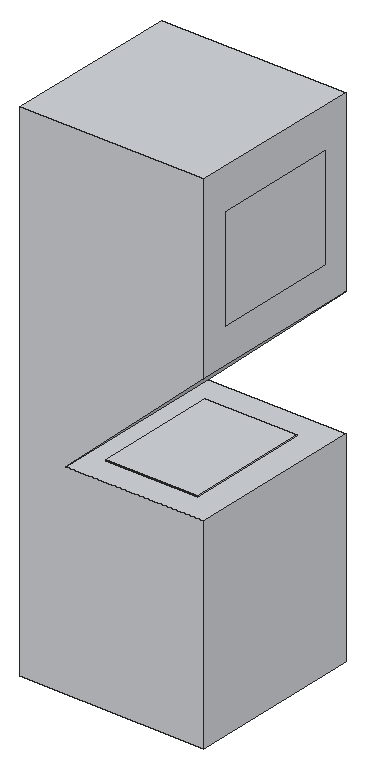
Revit family "988e226a46bf468989628dc068dc80a5", category Plumbing Fixtures, Revit 2021
Family settings
  Round Connector Dimension = Use Radius
  Part Type = Normal
  OmniClass Number = 23.45.70.11.11
  OmniClass Title = Residential Laundry Equipment
  Seek Item ID = Stacked Washer and Dryer-0000-USA-ENU
  Work Plane-Based = No
  Always vertical = Yes
  Cut with Voids When Loaded = No
  Shared = No
  Room Calculation Point = No
Parameters (values of type "26"x25" - Public")
  Sanitary Radius = 1"
  Sanitary Diameter = Sanitary Radius * 2  # 2"
  WFU = 3
  Voltage = 120 V
  Overall Width = 2' - 1"
  Overall Length = 2' - 2"
  Number of Poles = 1
  Loading Cover Material = none
  Load Classification = Electric Clothes Dryer
  Hot Water Radius = 1/2"
  Hot Water Diameter = Hot Water Radius * 2  # 1"
  Half Overall Width = 0.5 * Overall Width  # 1' - 0 1/2"
  HWFU = 2.25
  HP = "1/2"
  Gas Radius = 1/4"
  Gas Diameter = Gas Radius * 2  # 1/2"
  Flow Pressure [instance] = 8.00 psi
  Default Elevation = 0' - 0"
  Cold Water Radius = 1/2"
  Cold Water Diameter = Cold Water Radius * 2  # 1"
  CWFU = 2.25
  Body Material = none
  Apparent Load = 2250 VA
Types (3): name | WFU | HWFU | CWFU
  (no name) | 3 | 2.25 | 2.25
  26"x25" - Private | 2 | 1 | 1
  26"x25" - Public | 3 | 2.25 | 2.25
Reference planes (in)
  plane 1 "Center (Front/Back)": y = 0
  plane 2: z = 0
  plane 3 "Center (Left/Right)": x = 0
  plane 4: y = -12.5
  plane 5: y = 12.5
  plane 6: z = 28.8125
  plane 7: x = 6.5
  plane 8: x = 26
  plane 9: z = 72
  plane 10: z = 46.8125
  plane 11: y = 8.75
  plane 12: y = -8.75
  plane 13: z = 66.25
  plane 14: z = 51.84375
  plane 15: x = 26.125
  plane 16: z = 28.9375
  plane 17: x = 22.09375
  plane 18: x = 9.09375
  plane 19: x = 16.90625
  plane 20: y = 4
  plane 21: y = -4
  plane 22: y = 8.5
  plane 23: y = -8.5
  plane 24: z = 4
  plane 25: z = 24
  plane 26: x = 1
Forms (in)
  Extrusion 1, solid, material <- "Body Material"
    sketch origin (0, 0, 0) x (1, 0, 0) y (0, 0, 1)
      loop
        line (0, 72) -> (0, 0) -> (26, 0) -> (26, 28.8125) -> (6.5, 28.8125) -> (26, 46.8125) -> (26, 72) -> (0, 72)
    from -12.5 to 12.5
  Extrusion 2, solid, material <- "Loading Cover Material"
    sketch origin (0, 0, 0) x (1, 0, 0) y (0, 0, 1)
      loop
        line (26, 66.25) -> (26, 51.84375) -> (26.125, 51.84375) -> (26.125, 66.25) -> (26, 66.25)
    from -8.75 to 8.75
  Extrusion 3, solid, material <- "Loading Cover Material"
    sketch origin (0, 0, 0) x (1, 0, 0) y (0, 1, 0)
      loop
        line (9.09375, 8.75) -> (9.09375, -8.75) -> (22.09375, -8.75) -> (22.09375, 8.75) -> (9.09375, 8.75)
    from 28.8125 to 28.9375
  Extrusion 4, solid, material <- "Body Material"
    sketch origin (0, 0, 0) x (0, 1, 0) y (0, 0, 1)
      loop
        circle (4, 24) r 1
    from 0 to 1
  Extrusion 5, solid, material <- "Body Material"
    sketch origin (0, 0, 0) x (0, 1, 0) y (0, 0, 1)
      loop
        circle (-4, 24) r 1
    from 0 to 1
  Extrusion 6, solid, material <- "Body Material"
    sketch origin (0, 0, 0) x (0, 1, 0) y (0, 0, 1)
      loop
        circle (0, 4) r 1
    from 0 to 1
  Extrusion 7, solid, material <- "Body Material"
    sketch origin (0, 0, 0) x (0, 1, 0) y (0, 0, 1)
      loop
        circle (8.5, 4) r 1
    from 0 to 1
  Extrusion 8, solid, material <- "Body Material"
    sketch origin (0, 0, 0) x (0, 1, 0) y (0, 0, 1)
      loop
        circle (-8.5, 4) r 1
    from 0 to 1
Cuts and joins
  joined: Extrusion 1, Extrusion 4, Extrusion 5, Extrusion 6, Extrusion 7, Extrusion 8
Lines and regions (in)
  symbolic lines, style "PlumbingFixtures"
    curve 1: line (16.90625, 12.5, 0) -> (16.90625, -12.5, 0)
    curve 2: line (16.90625, 8.75, 0) -> (22.09375, 8.75, 0)
    curve 3: line (22.09375, 8.75, 0) -> (22.09375, -8.75, 0)
    curve 4: line (22.09375, -8.75, 0) -> (16.90625, -8.75, 0)
Dimensions and locks (in)
  "Half Overall Width": plane 4 to plane 1 "Center (Front/Back)"
  "Half Overall Width": plane 5 to plane 1 "Center (Front/Back)"
  locked: plane 6 to plane 2 at 28.8125
  locked: plane 7 to plane 3 "Center (Left/Right)" at 6.5
  "Overall Length": plane 8 to plane 3 "Center (Left/Right)"
  locked: plane 9 to plane 2 at 72
  locked: plane 9 to plane 10 at 25.1875
  locked: plane 11 to plane 1 "Center (Front/Back)" at 8.75
  locked: plane 1 "Center (Front/Back)" to plane 12 at 8.75
  locked: plane 9 to plane 13 at 5.75
  locked: plane 13 to plane 14 at 14.40625
  locked: plane 15 to plane 8 at 0.125
  locked: plane 16 to plane 6 at 0.125
  locked: plane 17 to plane 8 at 3.90625
  locked: plane 18 to plane 8 at 16.90625
  locked: plane 19 to plane 8 at 9.09375
  locked: plane 20 to plane 1 "Center (Front/Back)" at 4
  locked: plane 1 "Center (Front/Back)" to plane 21 at 4
  locked: plane 22 to plane 1 "Center (Front/Back)" at 8.5
  locked: plane 1 "Center (Front/Back)" to plane 23 at 8.5
  locked: plane 24 to plane 2 at 4
  locked: plane 25 to plane 24 at 20
  locked: plane 3 "Center (Left/Right)" to plane 26 at 1
  radius of Extrusion 4 sketch curve = 0' - 1"
  radius of Extrusion 5 sketch curve = 0' - 1"
  radius of Extrusion 6 sketch curve = 0' - 1"
  radius of Extrusion 7 sketch curve = 0' - 1"
  radius of Extrusion 8 sketch curve = 0' - 1"
  aligned and locked: plane 8 to Extrusion 1 sketch curve  (x4)
  aligned and locked: plane 9 to Extrusion 1 sketch curve  (x2)
  aligned and locked: Extrusion 1 sketch curve to plane 3 "Center (Left/Right)"
  aligned and locked: Extrusion 1 sketch curve to plane 2
  aligned and locked: plane 3 "Center (Left/Right)" to Extrusion 1 sketch curve
  aligned and locked: plane 2 to Extrusion 1 sketch curve
  aligned and locked: plane 6 to Extrusion 1 sketch curve  (x2)
  aligned and locked: plane 7 to Extrusion 1 sketch curve
  aligned and locked: plane 10 to Extrusion 1 sketch curve
  aligned and locked: plane 5 to Extrusion 1
  aligned and locked: Extrusion 1 to plane 4
  aligned and locked: Extrusion 2 sketch curve to plane 13
  aligned and locked: plane 14 to Extrusion 2 sketch curve
  aligned and locked: Extrusion 2 sketch curve to plane 15
  aligned and locked: plane 8 to Extrusion 2 sketch curve
  aligned and locked: plane 11 to Extrusion 2
  aligned and locked: Extrusion 2 to plane 12
  aligned and locked: Extrusion 3 sketch curve to plane 11
  aligned and locked: plane 12 to Extrusion 3 sketch curve
  aligned and locked: plane 18 to Extrusion 3 sketch curve
  aligned and locked: Extrusion 3 sketch curve to plane 17
  aligned and locked: plane 16 to Extrusion 3
  aligned and locked: Extrusion 3 to plane 6
  aligned and locked: plane 20 to Extrusion 4 sketch curve
  aligned and locked: plane 25 to Extrusion 4 sketch curve
  aligned and locked: plane 21 to Extrusion 5 sketch curve
  aligned and locked: plane 25 to Extrusion 5 sketch curve
  aligned and locked: plane 1 "Center (Front/Back)" to Extrusion 6 sketch curve
  aligned and locked: plane 24 to Extrusion 6 sketch curve
  aligned and locked: plane 22 to Extrusion 7 sketch curve
  aligned and locked: plane 24 to Extrusion 7 sketch curve
  aligned and locked: plane 23 to Extrusion 8 sketch curve
  aligned and locked: plane 24 to Extrusion 8 sketch curve
  aligned and locked: Extrusion 7 to plane 3 "Center (Left/Right)"
  aligned and locked: plane 26 to Extrusion 7
  aligned and locked: Extrusion 4 to plane 3 "Center (Left/Right)"
  aligned and locked: plane 26 to Extrusion 4
  aligned and locked: Extrusion 6 to plane 3 "Center (Left/Right)"
  aligned and locked: plane 26 to Extrusion 6
  aligned and locked: Extrusion 5 to plane 3 "Center (Left/Right)"
  aligned and locked: plane 26 to Extrusion 5
  aligned and locked: Extrusion 8 to plane 3 "Center (Left/Right)"
  aligned and locked: plane 26 to Extrusion 8
  aligned and locked: curve 1 to plane 19
  aligned and locked: plane 17 to Extrusion 3
  aligned and locked: curve 3 to plane 17
  aligned and locked: curve 2 to plane 11
  aligned and locked: plane 12 to curve 4
Automatic sketch dimensions
  curve 1 to plane 4 = 0' - 0"
  curve 1 to plane 5 = 0' - 0"
Connectors (in)
  piping at (0, 4, 24), diameter 1, driven by "CWFU", driven by "Cold Water Radius", driven by "Flow Pressure"
    settings: on Extrusion 4, index 1, connector inside diameter 1", connector length 0' - 0", flow factor 0, pipe flow 0 GPM, pressure drop 8.00 psi, fitting loss kfactor 0, connector angle 0.00°, fixture units 2.25, engagement length 0' - 0", angle of deflection 0.00°, flow configuration 3, flow direction 1, fitting loss method 4, system type 20, joint type 0, gender type 0, connector reference index -1, connector utility 0, adjustable connector no, is connector primary yes, connector description "In"
  piping at (0, -4, 24), diameter 1, driven by "Hot Water Radius", driven by "HWFU", driven by "Flow Pressure"
    settings: on Extrusion 5, index 2, connector inside diameter 1", connector length 0' - 0", flow factor 0, pipe flow 0 GPM, pressure drop 8.00 psi, fitting loss kfactor 0, connector angle 0.00°, fixture units 2.25, engagement length 0' - 0", angle of deflection 0.00°, flow configuration 3, flow direction 1, fitting loss method 4, system type 19, joint type 0, gender type 0, connector reference index -1, connector utility 0, adjustable connector no, is connector primary no, connector description "In"
  piping at (0, 0, 4), diameter 2, driven by "WFU", driven by "Sanitary Radius"
    settings: on Extrusion 6, index 3, connector inside diameter 2", connector length 0' - 0", flow factor 0, pipe flow 0 GPM, pressure drop 0.00 psi, fitting loss kfactor 0, connector angle 0.00°, fixture units 3, engagement length 0' - 0", angle of deflection 0.00°, flow configuration 3, flow direction 2, fitting loss method 0, system type 16, joint type 0, gender type 0, connector reference index -1, connector utility 0, adjustable connector yes, is connector primary no, connector description "Out"
  piping at (0, 8.5, 4), diameter 0.5, driven by "Gas Radius"
    settings: on Extrusion 7, index 4, connector inside diameter 1/2", connector length 0' - 0", flow factor 0, pipe flow 0 GPM, pressure drop 0.00 psi, fitting loss kfactor 0, connector angle 0.00°, fixture units 0, engagement length 0' - 0", angle of deflection 0.00°, flow configuration 1, flow direction 1, fitting loss method 0, system type 22, joint type 0, gender type 0, connector reference index -1, connector utility 0, adjustable connector no, is connector primary no, connector description "Gas In"
  electrical at (0, -8.5, 4), driven by "Number of Poles", driven by "Apparent Load", driven by "Voltage", driven by "Load Classification"
    settings: on Extrusion 8, index 5, voltage 120 V, apparent load 2250 VA, apparent load phase1 0 VA, apparent load phase2 0 VA, apparent load phase3 0 VA, power factor 0.8, load classification "Electric Clothes Dryer", number of poles 1, system type 30, power factor state 1, is connector primary yes, connector utility no, sub classification motor no, connector description ""
